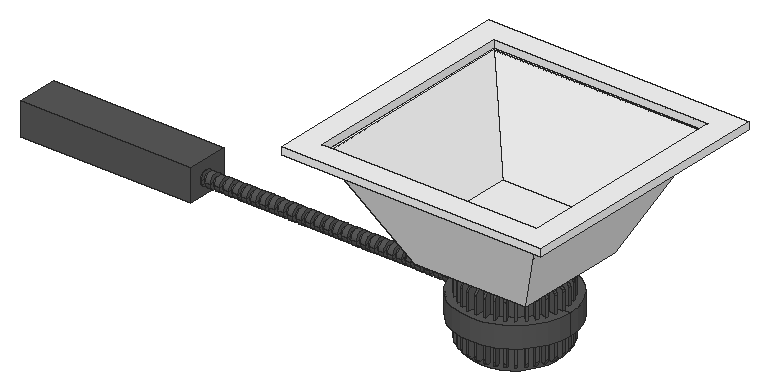
Revit family "LBRP-M-LSSL-8SQD", category Lighting Fixtures, host Face, Revit 2021
Family settings
  Host = Face
  Round Connector Dimension = Use Diameter
  Part Type = Normal
  OmniClass Number = 23.80.70.11.14.17
  OmniClass Title = Direct/Indirect
  Cut with Voids When Loaded = No
  Light Source = Yes
  Shared = Yes
  Room Calculation Point = No
Parameters (values of type "LBRP-M-LSSL-8SQD")
  Heat Sink = Black
  A = 7.15"
  Wattage = 31.6 W
  Warranty = "5-Years Warranty"
  built-in parameter 1150110 = 1 (stored number, unit not read)
  Voltage = 120 V
  D = 6.80"
  C = 0.20"
  built-in parameter 1114217 = 1 (stored number, unit not read)
  Tilt Angle = -90.00°
  built-in parameter 1150109 = 1 (stored number, unit not read)
  built-in parameter 1150134 = (empty or 0)
  built-in parameter 1150113 = 1 (stored number, unit not read)
  Product Documentation Link = ""
  Power Factor = 0.9
  Photometric Web Link = ""
  Photometric Web File = "LBRP-M-LSSLCS9_LBRP-8SQD-T-D_3000K_1200lm.ies"
  Photometric Notes = "More IES files download on Photometric Web Link"  # constant formula
  zz Length 1 = 48.00"
  Wattage Comments = " 9.6 - 55 W"  # constant formula
  URL = "https://www.currentlighting.com/prescolite"
  Product Page URL = ""
  Model = "LBRP-M-LSSL-8SQD"  # constant formula
  Manufacturer = "Prescolite Lighting"  # constant formula
  built-in parameter 1150105 = 251.46 (stored number, unit not read)
  Lumens = 3160 lm
  built-in parameter 1150115 = 1 (stored number, unit not read)
  Load Classification = Lighting
  built-in parameter 1150137 = (empty or 0)
  built-in parameter 1150139 = (empty or 0)
  built-in parameter 1150112 = 1 (stored number, unit not read)
  built-in parameter 1150114 = 1 (stored number, unit not read)
  Lamp = "LED's"  # constant formula
  built-in parameter 1150132 = (empty or 0)
  built-in parameter 1150102 = (empty or 0)
  built-in parameter 1150107 = 3500 (stored number, unit not read)
  built-in parameter 1150138 = (empty or 0)
  built-in parameter 1150106 = 2.5146 (stored number, unit not read)
  Glass = White Glass
  built-in parameter 1150104 = 9.2903 (stored number, unit not read)
  Dimming Lamp Color Temperature Shift = <None>
  Description = "PRO CANLESS DIRECT INSTALL DOWNLIGHT\r"  # constant formula
  Default Elevation = 48.00"
  Contact Us = ""
  Color Filter = 16777215
  built-in parameter 1114218 = 1 (stored number, unit not read)
  Housing Material = Paint - Matte White
  B = 9.10"
  built-in parameter 1150133 = 10 (stored number, unit not read)
  Assembly Code = "D5020200"
  Apparent Load = 11.5 VA
Reference planes (in)
  plane 1 "Center (Front/Back)": y = 13.01342
  plane 2: z = 0
  plane 3 "Center (Left/Right)": x = 0
  plane 4: z = -0.44
  plane 5: x = -3.88
  plane 6: x = 3.88
  plane 7: y = 16.89342
  plane 8: y = 9.13342
  plane 9: x = -4.69
  plane 10: x = 4.69
  plane 11: y = 17.70342
  plane 12: y = 8.32342
Forms (in)
  Revolve 1, solid, material "Black" <- "Heat Sink"
    sketch origin (0, 13.01342, 0.69) x (1, 0, 0) y (0, 0, 1)
      loop
        line (1.50583, -4.43783) -> (0.86374, -4.43783) -> (0, -4.43783) -> (0, -7.24) -> (1.50583, -7.24) -> (1.50583, -6.25486) -> (2.00583, -6.25486) -> (2.00583, -5.50486) -> (1.50583, -5.50486) -> (1.50583, -4.43783)
      axis (0, -4.43783) -> (0, -7.24)
    angle from 0 to 360
  Extrusion 2, solid, material "Black" <- "Heat Sink"
    sketch origin (-1.46875, 13.01342, 0.69) x (1, 0, 0) y (0, 0, 1)
      loop
        line (2.88083, -5.50486) -> (3.25583, -5.50486) -> (3.25583, -4.91939)
        arc (3.25583, -4.91939) -> (3.20764, -4.80305) -> (3.0913, -4.75486) r 0.16453
        line (3.0913, -4.75486) -> (2.88083, -4.75486) -> (2.88083, -5.50486)
      loop
        line (2.88083, -6.25434) -> (2.88083, -7.06684) -> (3.0913, -7.06684)
        arc (3.0913, -7.06684) -> (3.20764, -7.01865) -> (3.25583, -6.90231) r 0.16453
        line (3.25583, -6.90231) -> (3.25583, -6.25434) -> (2.88083, -6.25434)
    from -0.0248 to 0.04965
  Extrusion 3, solid, material "Black" <- "Heat Sink"
    sketch origin (0, 13.01342, 0.69) x (0.984808, -0.173648, 0) y (0, 0, 1)
      loop
        line (1.38083, -5.50486) -> (1.75583, -5.50486) -> (1.75583, -4.91939)
        arc (1.75583, -4.91939) -> (1.70764, -4.80305) -> (1.5913, -4.75486) r 0.16453
        line (1.5913, -4.75486) -> (1.38083, -4.75486) -> (1.38083, -5.50486)
      loop
        line (1.38083, -6.25434) -> (1.38083, -7.06684) -> (1.5913, -7.06684)
        arc (1.5913, -7.06684) -> (1.70764, -7.01865) -> (1.75583, -6.90231) r 0.16453
        line (1.75583, -6.90231) -> (1.75583, -6.25434) -> (1.38083, -6.25434)
    from -0.0248 to 0.04965
  Extrusion 4, solid, material "Black" <- "Heat Sink"
    sketch origin (0, 13.01342, 0.69) x (0.939693, -0.34202, 0) y (0, 0, 1)
      loop
        line (1.38083, -5.50486) -> (1.75583, -5.50486) -> (1.75583, -4.91939)
        arc (1.75583, -4.91939) -> (1.70764, -4.80305) -> (1.5913, -4.75486) r 0.16453
        line (1.5913, -4.75486) -> (1.38083, -4.75486) -> (1.38083, -5.50486)
      loop
        line (1.38083, -6.25434) -> (1.38083, -7.06684) -> (1.5913, -7.06684)
        arc (1.5913, -7.06684) -> (1.70764, -7.01865) -> (1.75583, -6.90231) r 0.16453
        line (1.75583, -6.90231) -> (1.75583, -6.25434) -> (1.38083, -6.25434)
    from -0.0248 to 0.04965
  Extrusion 5, solid, material "Black" <- "Heat Sink"
    sketch origin (0, 13.01342, 0.69) x (0.866025, -0.5, 0) y (0, 0, 1)
      loop
        line (1.38083, -5.50486) -> (1.75583, -5.50486) -> (1.75583, -4.91939)
        arc (1.75583, -4.91939) -> (1.70764, -4.80305) -> (1.5913, -4.75486) r 0.16453
        line (1.5913, -4.75486) -> (1.38083, -4.75486) -> (1.38083, -5.50486)
      loop
        line (1.38083, -6.25434) -> (1.38083, -7.06684) -> (1.5913, -7.06684)
        arc (1.5913, -7.06684) -> (1.70764, -7.01865) -> (1.75583, -6.90231) r 0.16453
        line (1.75583, -6.90231) -> (1.75583, -6.25434) -> (1.38083, -6.25434)
    from -0.0248 to 0.04965
  Extrusion 6, solid, material "Black" <- "Heat Sink"
    sketch origin (0, 13.01342, 0.69) x (0.766044, -0.642788, 0) y (0, 0, 1)
      loop
        line (1.38083, -5.50486) -> (1.75583, -5.50486) -> (1.75583, -4.91939)
        arc (1.75583, -4.91939) -> (1.70764, -4.80305) -> (1.5913, -4.75486) r 0.16453
        line (1.5913, -4.75486) -> (1.38083, -4.75486) -> (1.38083, -5.50486)
      loop
        line (1.38083, -6.25434) -> (1.38083, -7.06684) -> (1.5913, -7.06684)
        arc (1.5913, -7.06684) -> (1.70764, -7.01865) -> (1.75583, -6.90231) r 0.16453
        line (1.75583, -6.90231) -> (1.75583, -6.25434) -> (1.38083, -6.25434)
    from -0.0248 to 0.04965
  Extrusion 7, solid, material "Black" <- "Heat Sink"
    sketch origin (0, 13.01342, 0.69) x (0.642788, -0.766044, 0) y (0, 0, 1)
      loop
        line (1.38083, -5.50486) -> (1.75583, -5.50486) -> (1.75583, -4.91939)
        arc (1.75583, -4.91939) -> (1.70764, -4.80305) -> (1.5913, -4.75486) r 0.16453
        line (1.5913, -4.75486) -> (1.38083, -4.75486) -> (1.38083, -5.50486)
      loop
        line (1.38083, -6.25434) -> (1.38083, -7.06684) -> (1.5913, -7.06684)
        arc (1.5913, -7.06684) -> (1.70764, -7.01865) -> (1.75583, -6.90231) r 0.16453
        line (1.75583, -6.90231) -> (1.75583, -6.25434) -> (1.38083, -6.25434)
    from -0.0248 to 0.04965
  Extrusion 8, solid, material "Black" <- "Heat Sink"
    sketch origin (0, 13.01342, 0.69) x (0.5, -0.866025, 0) y (0, 0, 1)
      loop
        line (1.38083, -5.50486) -> (1.75583, -5.50486) -> (1.75583, -4.91939)
        arc (1.75583, -4.91939) -> (1.70764, -4.80305) -> (1.5913, -4.75486) r 0.16453
        line (1.5913, -4.75486) -> (1.38083, -4.75486) -> (1.38083, -5.50486)
      loop
        line (1.38083, -6.25434) -> (1.38083, -7.06684) -> (1.5913, -7.06684)
        arc (1.5913, -7.06684) -> (1.70764, -7.01865) -> (1.75583, -6.90231) r 0.16453
        line (1.75583, -6.90231) -> (1.75583, -6.25434) -> (1.38083, -6.25434)
    from -0.0248 to 0.04965
  Extrusion 9, solid, material "Black" <- "Heat Sink"
    sketch origin (0, 13.01342, 0.69) x (0.34202, -0.939693, 0) y (0, 0, 1)
      loop
        line (1.38083, -5.50486) -> (1.75583, -5.50486) -> (1.75583, -4.91939)
        arc (1.75583, -4.91939) -> (1.70764, -4.80305) -> (1.5913, -4.75486) r 0.16453
        line (1.5913, -4.75486) -> (1.38083, -4.75486) -> (1.38083, -5.50486)
      loop
        line (1.38083, -6.25434) -> (1.38083, -7.06684) -> (1.5913, -7.06684)
        arc (1.5913, -7.06684) -> (1.70764, -7.01865) -> (1.75583, -6.90231) r 0.16453
        line (1.75583, -6.90231) -> (1.75583, -6.25434) -> (1.38083, -6.25434)
    from -0.0248 to 0.04965
  Extrusion 10, solid, material "Black" <- "Heat Sink"
    sketch origin (0, 13.01342, 0.69) x (0.173648, -0.984808, 0) y (0, 0, 1)
      loop
        line (1.38083, -5.50486) -> (1.75583, -5.50486) -> (1.75583, -4.91939)
        arc (1.75583, -4.91939) -> (1.70764, -4.80305) -> (1.5913, -4.75486) r 0.16453
        line (1.5913, -4.75486) -> (1.38083, -4.75486) -> (1.38083, -5.50486)
      loop
        line (1.38083, -6.25434) -> (1.38083, -7.06684) -> (1.5913, -7.06684)
        arc (1.5913, -7.06684) -> (1.70764, -7.01865) -> (1.75583, -6.90231) r 0.16453
        line (1.75583, -6.90231) -> (1.75583, -6.25434) -> (1.38083, -6.25434)
    from -0.0248 to 0.04965
  Extrusion 11, solid, material "Black" <- "Heat Sink"
    sketch origin (0, 13.01342, 0.69) x (0, -1, 0) y (0, 0, 1)
      loop
        line (1.38083, -5.50486) -> (1.75583, -5.50486) -> (1.75583, -4.91939)
        arc (1.75583, -4.91939) -> (1.70764, -4.80305) -> (1.5913, -4.75486) r 0.16453
        line (1.5913, -4.75486) -> (1.38083, -4.75486) -> (1.38083, -5.50486)
      loop
        line (1.38083, -6.25434) -> (1.38083, -7.06684) -> (1.5913, -7.06684)
        arc (1.5913, -7.06684) -> (1.70764, -7.01865) -> (1.75583, -6.90231) r 0.16453
        line (1.75583, -6.90231) -> (1.75583, -6.25434) -> (1.38083, -6.25434)
    from -0.0248 to 0.04965
  Extrusion 12, solid, material "Black" <- "Heat Sink"
    sketch origin (0, 13.01342, 0.69) x (-0.173648, -0.984808, 0) y (0, 0, 1)
      loop
        line (1.38083, -5.50486) -> (1.75583, -5.50486) -> (1.75583, -4.91939)
        arc (1.75583, -4.91939) -> (1.70764, -4.80305) -> (1.5913, -4.75486) r 0.16453
        line (1.5913, -4.75486) -> (1.38083, -4.75486) -> (1.38083, -5.50486)
      loop
        line (1.38083, -6.25434) -> (1.38083, -7.06684) -> (1.5913, -7.06684)
        arc (1.5913, -7.06684) -> (1.70764, -7.01865) -> (1.75583, -6.90231) r 0.16453
        line (1.75583, -6.90231) -> (1.75583, -6.25434) -> (1.38083, -6.25434)
    from -0.0248 to 0.04965
  Extrusion 13, solid, material "Black" <- "Heat Sink"
    sketch origin (0, 13.01342, 0.69) x (-0.34202, -0.939693, 0) y (0, 0, 1)
      loop
        line (1.38083, -5.50486) -> (1.75583, -5.50486) -> (1.75583, -4.91939)
        arc (1.75583, -4.91939) -> (1.70764, -4.80305) -> (1.5913, -4.75486) r 0.16453
        line (1.5913, -4.75486) -> (1.38083, -4.75486) -> (1.38083, -5.50486)
      loop
        line (1.38083, -6.25434) -> (1.38083, -7.06684) -> (1.5913, -7.06684)
        arc (1.5913, -7.06684) -> (1.70764, -7.01865) -> (1.75583, -6.90231) r 0.16453
        line (1.75583, -6.90231) -> (1.75583, -6.25434) -> (1.38083, -6.25434)
    from -0.0248 to 0.04965
  Extrusion 14, solid, material "Black" <- "Heat Sink"
    sketch origin (0, 13.01342, 0.69) x (-0.5, -0.866025, 0) y (0, 0, 1)
      loop
        line (1.38083, -5.50486) -> (1.75583, -5.50486) -> (1.75583, -4.91939)
        arc (1.75583, -4.91939) -> (1.70764, -4.80305) -> (1.5913, -4.75486) r 0.16453
        line (1.5913, -4.75486) -> (1.38083, -4.75486) -> (1.38083, -5.50486)
      loop
        line (1.38083, -6.25434) -> (1.38083, -7.06684) -> (1.5913, -7.06684)
        arc (1.5913, -7.06684) -> (1.70764, -7.01865) -> (1.75583, -6.90231) r 0.16453
        line (1.75583, -6.90231) -> (1.75583, -6.25434) -> (1.38083, -6.25434)
    from -0.0248 to 0.04965
  Extrusion 15, solid, material "Black" <- "Heat Sink"
    sketch origin (0, 13.01342, 0.69) x (-0.642788, -0.766044, 0) y (0, 0, 1)
      loop
        line (1.38083, -5.50486) -> (1.75583, -5.50486) -> (1.75583, -4.91939)
        arc (1.75583, -4.91939) -> (1.70764, -4.80305) -> (1.5913, -4.75486) r 0.16453
        line (1.5913, -4.75486) -> (1.38083, -4.75486) -> (1.38083, -5.50486)
      loop
        line (1.38083, -6.25434) -> (1.38083, -7.06684) -> (1.5913, -7.06684)
        arc (1.5913, -7.06684) -> (1.70764, -7.01865) -> (1.75583, -6.90231) r 0.16453
        line (1.75583, -6.90231) -> (1.75583, -6.25434) -> (1.38083, -6.25434)
    from -0.0248 to 0.04965
  Extrusion 16, solid, material "Black" <- "Heat Sink"
    sketch origin (0, 13.01342, 0.69) x (-0.766044, -0.642788, 0) y (0, 0, 1)
      loop
        line (1.38083, -5.50486) -> (1.75583, -5.50486) -> (1.75583, -4.91939)
        arc (1.75583, -4.91939) -> (1.70764, -4.80305) -> (1.5913, -4.75486) r 0.16453
        line (1.5913, -4.75486) -> (1.38083, -4.75486) -> (1.38083, -5.50486)
      loop
        line (1.38083, -6.25434) -> (1.38083, -7.06684) -> (1.5913, -7.06684)
        arc (1.5913, -7.06684) -> (1.70764, -7.01865) -> (1.75583, -6.90231) r 0.16453
        line (1.75583, -6.90231) -> (1.75583, -6.25434) -> (1.38083, -6.25434)
    from -0.0248 to 0.04965
  Extrusion 17, solid, material "Black" <- "Heat Sink"
    sketch origin (0, 13.01342, 0.69) x (-0.866025, -0.5, 0) y (0, 0, 1)
      loop
        line (1.38083, -5.50486) -> (1.75583, -5.50486) -> (1.75583, -4.91939)
        arc (1.75583, -4.91939) -> (1.70764, -4.80305) -> (1.5913, -4.75486) r 0.16453
        line (1.5913, -4.75486) -> (1.38083, -4.75486) -> (1.38083, -5.50486)
      loop
        line (1.38083, -6.25434) -> (1.38083, -7.06684) -> (1.5913, -7.06684)
        arc (1.5913, -7.06684) -> (1.70764, -7.01865) -> (1.75583, -6.90231) r 0.16453
        line (1.75583, -6.90231) -> (1.75583, -6.25434) -> (1.38083, -6.25434)
    from -0.0248 to 0.04965
  Extrusion 18, solid, material "Black" <- "Heat Sink"
    sketch origin (1.46875, 13.01342, 0.69) x (-1, 0, 0) y (0, 0, -1)
      loop
        line (2.88083, 5.50486) -> (2.88083, 4.75486) -> (3.0913, 4.75486)
        arc (3.0913, 4.75486) -> (3.20764, 4.80305) -> (3.25583, 4.91939) r 0.16453
        line (3.25583, 4.91939) -> (3.25583, 5.50486) -> (2.88083, 5.50486)
      loop
        line (2.88083, 6.25434) -> (3.25583, 6.25434) -> (3.25583, 6.90231)
        arc (3.25583, 6.90231) -> (3.20764, 7.01865) -> (3.0913, 7.06684) r 0.16453
        line (3.0913, 7.06684) -> (2.88083, 7.06684) -> (2.88083, 6.25434)
    from -0.0248 to 0.04965
  Extrusion 19, solid, material "Black" <- "Heat Sink"
    sketch origin (0, 13.01342, 0.69) x (-0.984808, -0.173648, 0) y (0, 0, -1)
      loop
        line (1.38083, 5.50486) -> (1.38083, 4.75486) -> (1.5913, 4.75486)
        arc (1.5913, 4.75486) -> (1.70764, 4.80305) -> (1.75583, 4.91939) r 0.16453
        line (1.75583, 4.91939) -> (1.75583, 5.50486) -> (1.38083, 5.50486)
      loop
        line (1.38083, 6.25434) -> (1.75583, 6.25434) -> (1.75583, 6.90231)
        arc (1.75583, 6.90231) -> (1.70764, 7.01865) -> (1.5913, 7.06684) r 0.16453
        line (1.5913, 7.06684) -> (1.38083, 7.06684) -> (1.38083, 6.25434)
    from -0.0248 to 0.04965
  Extrusion 20, solid, material "Black" <- "Heat Sink"
    sketch origin (0, 13.01342, 0.69) x (-0.939693, -0.34202, 0) y (0, 0, -1)
      loop
        line (1.38083, 5.50486) -> (1.38083, 4.75486) -> (1.5913, 4.75486)
        arc (1.5913, 4.75486) -> (1.70764, 4.80305) -> (1.75583, 4.91939) r 0.16453
        line (1.75583, 4.91939) -> (1.75583, 5.50486) -> (1.38083, 5.50486)
      loop
        line (1.38083, 6.25434) -> (1.75583, 6.25434) -> (1.75583, 6.90231)
        arc (1.75583, 6.90231) -> (1.70764, 7.01865) -> (1.5913, 7.06684) r 0.16453
        line (1.5913, 7.06684) -> (1.38083, 7.06684) -> (1.38083, 6.25434)
    from -0.0248 to 0.04965
  Extrusion 21, solid, material "Black" <- "Heat Sink"
    sketch origin (0, 13.01342, 0.69) x (0.984808, 0.173648, 0) y (0, 0, -1)
      loop
        line (1.38083, 5.50486) -> (1.38083, 4.75486) -> (1.5913, 4.75486)
        arc (1.5913, 4.75486) -> (1.70764, 4.80305) -> (1.75583, 4.91939) r 0.16453
        line (1.75583, 4.91939) -> (1.75583, 5.50486) -> (1.38083, 5.50486)
      loop
        line (1.38083, 6.25434) -> (1.75583, 6.25434) -> (1.75583, 6.90231)
        arc (1.75583, 6.90231) -> (1.70764, 7.01865) -> (1.5913, 7.06684) r 0.16453
        line (1.5913, 7.06684) -> (1.38083, 7.06684) -> (1.38083, 6.25434)
    from -0.0248 to 0.04965
  Extrusion 22, solid, material "Black" <- "Heat Sink"
    sketch origin (0, 13.01342, 0.69) x (0.939693, 0.34202, 0) y (0, 0, -1)
      loop
        line (1.38083, 5.50486) -> (1.38083, 4.75486) -> (1.5913, 4.75486)
        arc (1.5913, 4.75486) -> (1.70764, 4.80305) -> (1.75583, 4.91939) r 0.16453
        line (1.75583, 4.91939) -> (1.75583, 5.50486) -> (1.38083, 5.50486)
      loop
        line (1.38083, 6.25434) -> (1.75583, 6.25434) -> (1.75583, 6.90231)
        arc (1.75583, 6.90231) -> (1.70764, 7.01865) -> (1.5913, 7.06684) r 0.16453
        line (1.5913, 7.06684) -> (1.38083, 7.06684) -> (1.38083, 6.25434)
    from -0.0248 to 0.04965
  Extrusion 23, solid, material "Black" <- "Heat Sink"
    sketch origin (0, 13.01342, 0.69) x (0.866025, 0.5, 0) y (0, 0, -1)
      loop
        line (1.38083, 5.50486) -> (1.38083, 4.75486) -> (1.5913, 4.75486)
        arc (1.5913, 4.75486) -> (1.70764, 4.80305) -> (1.75583, 4.91939) r 0.16453
        line (1.75583, 4.91939) -> (1.75583, 5.50486) -> (1.38083, 5.50486)
      loop
        line (1.38083, 6.25434) -> (1.75583, 6.25434) -> (1.75583, 6.90231)
        arc (1.75583, 6.90231) -> (1.70764, 7.01865) -> (1.5913, 7.06684) r 0.16453
        line (1.5913, 7.06684) -> (1.38083, 7.06684) -> (1.38083, 6.25434)
    from -0.0248 to 0.04965
  Extrusion 24, solid, material "Black" <- "Heat Sink"
    sketch origin (0, 13.01342, 0.69) x (0.766044, 0.642788, 0) y (0, 0, -1)
      loop
        line (1.38083, 5.50486) -> (1.38083, 4.75486) -> (1.5913, 4.75486)
        arc (1.5913, 4.75486) -> (1.70764, 4.80305) -> (1.75583, 4.91939) r 0.16453
        line (1.75583, 4.91939) -> (1.75583, 5.50486) -> (1.38083, 5.50486)
      loop
        line (1.38083, 6.25434) -> (1.75583, 6.25434) -> (1.75583, 6.90231)
        arc (1.75583, 6.90231) -> (1.70764, 7.01865) -> (1.5913, 7.06684) r 0.16453
        line (1.5913, 7.06684) -> (1.38083, 7.06684) -> (1.38083, 6.25434)
    from -0.0248 to 0.04965
  Extrusion 25, solid, material "Black" <- "Heat Sink"
    sketch origin (0, 13.01342, 0.69) x (0.642788, 0.766044, 0) y (0, 0, -1)
      loop
        line (1.38083, 5.50486) -> (1.38083, 4.75486) -> (1.5913, 4.75486)
        arc (1.5913, 4.75486) -> (1.70764, 4.80305) -> (1.75583, 4.91939) r 0.16453
        line (1.75583, 4.91939) -> (1.75583, 5.50486) -> (1.38083, 5.50486)
      loop
        line (1.38083, 6.25434) -> (1.75583, 6.25434) -> (1.75583, 6.90231)
        arc (1.75583, 6.90231) -> (1.70764, 7.01865) -> (1.5913, 7.06684) r 0.16453
        line (1.5913, 7.06684) -> (1.38083, 7.06684) -> (1.38083, 6.25434)
    from -0.0248 to 0.04965
  Extrusion 26, solid, material "Black" <- "Heat Sink"
    sketch origin (0, 13.01342, 0.69) x (0.5, 0.866025, 0) y (0, 0, -1)
      loop
        line (1.38083, 5.50486) -> (1.38083, 4.75486) -> (1.5913, 4.75486)
        arc (1.5913, 4.75486) -> (1.70764, 4.80305) -> (1.75583, 4.91939) r 0.16453
        line (1.75583, 4.91939) -> (1.75583, 5.50486) -> (1.38083, 5.50486)
      loop
        line (1.38083, 6.25434) -> (1.75583, 6.25434) -> (1.75583, 6.90231)
        arc (1.75583, 6.90231) -> (1.70764, 7.01865) -> (1.5913, 7.06684) r 0.16453
        line (1.5913, 7.06684) -> (1.38083, 7.06684) -> (1.38083, 6.25434)
    from -0.0248 to 0.04965
  Extrusion 27, solid, material "Black" <- "Heat Sink"
    sketch origin (0, 13.01342, 0.69) x (0.34202, 0.939693, 0) y (0, 0, -1)
      loop
        line (1.38083, 5.50486) -> (1.38083, 4.75486) -> (1.5913, 4.75486)
        arc (1.5913, 4.75486) -> (1.70764, 4.80305) -> (1.75583, 4.91939) r 0.16453
        line (1.75583, 4.91939) -> (1.75583, 5.50486) -> (1.38083, 5.50486)
      loop
        line (1.38083, 6.25434) -> (1.75583, 6.25434) -> (1.75583, 6.90231)
        arc (1.75583, 6.90231) -> (1.70764, 7.01865) -> (1.5913, 7.06684) r 0.16453
        line (1.5913, 7.06684) -> (1.38083, 7.06684) -> (1.38083, 6.25434)
    from -0.0248 to 0.04965
  Extrusion 28, solid, material "Black" <- "Heat Sink"
    sketch origin (0, 13.01342, 0.69) x (0.173648, 0.984808, 0) y (0, 0, -1)
      loop
        line (1.38083, 5.50486) -> (1.38083, 4.75486) -> (1.5913, 4.75486)
        arc (1.5913, 4.75486) -> (1.70764, 4.80305) -> (1.75583, 4.91939) r 0.16453
        line (1.75583, 4.91939) -> (1.75583, 5.50486) -> (1.38083, 5.50486)
      loop
        line (1.38083, 6.25434) -> (1.75583, 6.25434) -> (1.75583, 6.90231)
        arc (1.75583, 6.90231) -> (1.70764, 7.01865) -> (1.5913, 7.06684) r 0.16453
        line (1.5913, 7.06684) -> (1.38083, 7.06684) -> (1.38083, 6.25434)
    from -0.0248 to 0.04965
  Extrusion 29, solid, material "Black" <- "Heat Sink"
    sketch origin (0, 13.01342, 0.69) x (0, 1, 0) y (0, 0, -1)
      loop
        line (1.38083, 5.50486) -> (1.38083, 4.75486) -> (1.5913, 4.75486)
        arc (1.5913, 4.75486) -> (1.70764, 4.80305) -> (1.75583, 4.91939) r 0.16453
        line (1.75583, 4.91939) -> (1.75583, 5.50486) -> (1.38083, 5.50486)
      loop
        line (1.38083, 6.25434) -> (1.75583, 6.25434) -> (1.75583, 6.90231)
        arc (1.75583, 6.90231) -> (1.70764, 7.01865) -> (1.5913, 7.06684) r 0.16453
        line (1.5913, 7.06684) -> (1.38083, 7.06684) -> (1.38083, 6.25434)
    from -0.0248 to 0.04965
  Extrusion 30, solid, material "Black" <- "Heat Sink"
    sketch origin (0, 13.01342, 0.69) x (-0.173648, 0.984808, 0) y (0, 0, -1)
      loop
        line (1.38083, 5.50486) -> (1.38083, 4.75486) -> (1.5913, 4.75486)
        arc (1.5913, 4.75486) -> (1.70764, 4.80305) -> (1.75583, 4.91939) r 0.16453
        line (1.75583, 4.91939) -> (1.75583, 5.50486) -> (1.38083, 5.50486)
      loop
        line (1.38083, 6.25434) -> (1.75583, 6.25434) -> (1.75583, 6.90231)
        arc (1.75583, 6.90231) -> (1.70764, 7.01865) -> (1.5913, 7.06684) r 0.16453
        line (1.5913, 7.06684) -> (1.38083, 7.06684) -> (1.38083, 6.25434)
    from -0.0248 to 0.04965
  Extrusion 31, solid, material "Black" <- "Heat Sink"
    sketch origin (0, 13.01342, 0.69) x (-0.34202, 0.939693, 0) y (0, 0, -1)
      loop
        line (1.38083, 5.50486) -> (1.38083, 4.75486) -> (1.5913, 4.75486)
        arc (1.5913, 4.75486) -> (1.70764, 4.80305) -> (1.75583, 4.91939) r 0.16453
        line (1.75583, 4.91939) -> (1.75583, 5.50486) -> (1.38083, 5.50486)
      loop
        line (1.38083, 6.25434) -> (1.75583, 6.25434) -> (1.75583, 6.90231)
        arc (1.75583, 6.90231) -> (1.70764, 7.01865) -> (1.5913, 7.06684) r 0.16453
        line (1.5913, 7.06684) -> (1.38083, 7.06684) -> (1.38083, 6.25434)
    from -0.0248 to 0.04965
  Extrusion 32, solid, material "Black" <- "Heat Sink"
    sketch origin (0, 13.01342, 0.69) x (-0.5, 0.866025, 0) y (0, 0, -1)
      loop
        line (1.38083, 5.50486) -> (1.38083, 4.75486) -> (1.5913, 4.75486)
        arc (1.5913, 4.75486) -> (1.70764, 4.80305) -> (1.75583, 4.91939) r 0.16453
        line (1.75583, 4.91939) -> (1.75583, 5.50486) -> (1.38083, 5.50486)
      loop
        line (1.38083, 6.25434) -> (1.75583, 6.25434) -> (1.75583, 6.90231)
        arc (1.75583, 6.90231) -> (1.70764, 7.01865) -> (1.5913, 7.06684) r 0.16453
        line (1.5913, 7.06684) -> (1.38083, 7.06684) -> (1.38083, 6.25434)
    from -0.0248 to 0.04965
  Extrusion 33, solid, material "Black" <- "Heat Sink"
    sketch origin (0, 13.01342, 0.69) x (-0.642788, 0.766044, 0) y (0, 0, -1)
      loop
        line (1.38083, 5.50486) -> (1.38083, 4.75486) -> (1.5913, 4.75486)
        arc (1.5913, 4.75486) -> (1.70764, 4.80305) -> (1.75583, 4.91939) r 0.16453
        line (1.75583, 4.91939) -> (1.75583, 5.50486) -> (1.38083, 5.50486)
      loop
        line (1.38083, 6.25434) -> (1.75583, 6.25434) -> (1.75583, 6.90231)
        arc (1.75583, 6.90231) -> (1.70764, 7.01865) -> (1.5913, 7.06684) r 0.16453
        line (1.5913, 7.06684) -> (1.38083, 7.06684) -> (1.38083, 6.25434)
    from -0.0248 to 0.04965
  Extrusion 34, solid, material "Black" <- "Heat Sink"
    sketch origin (0, 13.01342, 0.69) x (-0.766044, 0.642788, 0) y (0, 0, -1)
      loop
        line (1.38083, 5.50486) -> (1.38083, 4.75486) -> (1.5913, 4.75486)
        arc (1.5913, 4.75486) -> (1.70764, 4.80305) -> (1.75583, 4.91939) r 0.16453
        line (1.75583, 4.91939) -> (1.75583, 5.50486) -> (1.38083, 5.50486)
      loop
        line (1.38083, 6.25434) -> (1.75583, 6.25434) -> (1.75583, 6.90231)
        arc (1.75583, 6.90231) -> (1.70764, 7.01865) -> (1.5913, 7.06684) r 0.16453
        line (1.5913, 7.06684) -> (1.38083, 7.06684) -> (1.38083, 6.25434)
    from -0.0248 to 0.04965
  Extrusion 35, solid, material "Black" <- "Heat Sink"
    sketch origin (0, 13.01342, 0.69) x (-0.866025, 0.5, 0) y (0, 0, -1)
      loop
        line (1.38083, 5.50486) -> (1.38083, 4.75486) -> (1.5913, 4.75486)
        arc (1.5913, 4.75486) -> (1.70764, 4.80305) -> (1.75583, 4.91939) r 0.16453
        line (1.75583, 4.91939) -> (1.75583, 5.50486) -> (1.38083, 5.50486)
      loop
        line (1.38083, 6.25434) -> (1.75583, 6.25434) -> (1.75583, 6.90231)
        arc (1.75583, 6.90231) -> (1.70764, 7.01865) -> (1.5913, 7.06684) r 0.16453
        line (1.5913, 7.06684) -> (1.38083, 7.06684) -> (1.38083, 6.25434)
    from -0.0248 to 0.04965
  Extrusion 36, solid, material "Black" <- "Heat Sink"
    sketch origin (0, 13.01342, 0.69) x (-0.984808, 0.173648, 0) y (0, 0, 1)
      loop
        line (1.38083, -5.50486) -> (1.75583, -5.50486) -> (1.75583, -4.91939)
        arc (1.75583, -4.91939) -> (1.70764, -4.80305) -> (1.5913, -4.75486) r 0.16453
        line (1.5913, -4.75486) -> (1.38083, -4.75486) -> (1.38083, -5.50486)
      loop
        line (1.38083, -6.25434) -> (1.38083, -7.06684) -> (1.5913, -7.06684)
        arc (1.5913, -7.06684) -> (1.70764, -7.01865) -> (1.75583, -6.90231) r 0.16453
        line (1.75583, -6.90231) -> (1.75583, -6.25434) -> (1.38083, -6.25434)
    from -0.0248 to 0.04965
  Extrusion 37, solid, material "Black" <- "Heat Sink"
    sketch origin (0, 13.01342, 0.69) x (-0.939693, 0.34202, 0) y (0, 0, 1)
      loop
        line (1.38083, -5.50486) -> (1.75583, -5.50486) -> (1.75583, -4.91939)
        arc (1.75583, -4.91939) -> (1.70764, -4.80305) -> (1.5913, -4.75486) r 0.16453
        line (1.5913, -4.75486) -> (1.38083, -4.75486) -> (1.38083, -5.50486)
      loop
        line (1.38083, -6.25434) -> (1.38083, -7.06684) -> (1.5913, -7.06684)
        arc (1.5913, -7.06684) -> (1.70764, -7.01865) -> (1.75583, -6.90231) r 0.16453
        line (1.75583, -6.90231) -> (1.75583, -6.25434) -> (1.38083, -6.25434)
    from -0.0248 to 0.04965
  Revolve 38, solid, material "Black" <- "Heat Sink"
    sketch origin (2.625, 0, -5.06) x (1, 0, 0) y (0, 1, 0)
      loop
        line (-13.95674, 13.01342) -> (-4.38494, 13.01342) -> (-4.38494, 13.16148) -> (-4.48144, 13.16148) -> (-4.48144, 13.26342) -> (-4.6692, 13.26342) -> (-4.6692, 13.16148) -> (-4.86136, 13.16148) -> (-4.86136, 13.26342) -> (-5.04911, 13.26342) -> (-5.04911, 13.16148) -> (-5.19127, 13.16148) -> (-5.19127, 13.26342) -> (-5.37902, 13.26342) -> (-5.37902, 13.16148) -> (-5.52118, 13.16148) -> (-5.52118, 13.26342) -> (-5.70894, 13.26342) -> (-5.70894, 13.16148) -> (-5.85109, 13.16148) -> (-5.85109, 13.26342) -> (-6.03885, 13.26342) -> (-6.03885, 13.16148) -> (-6.18101, 13.16148) -> (-6.18101, 13.26342) -> (-6.36876, 13.26342) -> (-6.36876, 13.16148) -> (-6.51092, 13.16148) -> (-6.51092, 13.26342) -> (-6.69867, 13.26342) -> (-6.69867, 13.16148) -> (-6.84083, 13.16148) -> (-6.84083, 13.26342) -> (-7.02859, 13.26342) -> (-7.02859, 13.16148) -> (-7.17074, 13.16148) -> (-7.17074, 13.26342) -> (-7.3585, 13.26342) -> (-7.3585, 13.16148) -> (-7.50065, 13.16148) -> (-7.50065, 13.26342) -> (-7.68841, 13.26342) -> (-7.68841, 13.16148) -> (-7.83057, 13.16148) -> (-7.83057, 13.26342) -> (-8.01832, 13.26342) -> (-8.01832, 13.16148) -> (-8.16048, 13.16148) -> (-8.16048, 13.26342) -> (-8.34823, 13.26342) -> (-8.34823, 13.16148) -> (-8.49039, 13.16148) -> (-8.49039, 13.26342) -> (-8.67815, 13.26342) -> (-8.67815, 13.16148) -> (-8.8203, 13.16148) -> (-8.8203, 13.26342) -> (-9.00806, 13.26342) -> (-9.00806, 13.16148) -> (-9.15021, 13.16148) -> (-9.15021, 13.26342) -> (-9.33797, 13.26342) -> (-9.33797, 13.16148) -> (-9.48013, 13.16148) -> (-9.48013, 13.26342) -> (-9.66788, 13.26342) -> (-9.66788, 13.16148) -> (-9.81004, 13.16148) -> (-9.81004, 13.26342) -> (-9.99779, 13.26342) -> (-9.99779, 13.16148) -> (-10.13995, 13.16148) -> (-10.13995, 13.26342) -> (-10.32771, 13.26342) -> (-10.32771, 13.16148) -> (-10.46986, 13.16148) -> (-10.46986, 13.26342) -> (-10.65762, 13.26342) -> (-10.65762, 13.16148) -> (-10.79977, 13.16148) -> (-10.79977, 13.26342) -> (-10.98753, 13.26342) -> (-10.98753, 13.16148) -> (-11.12969, 13.16148) -> (-11.12969, 13.26342) -> (-11.31744, 13.26342) -> (-11.31744, 13.16148) -> (-11.4596, 13.16148) -> (-11.4596, 13.26342) -> (-11.64735, 13.26342) -> (-11.64735, 13.16148) -> (-11.78951, 13.16148) -> (-11.78951, 13.26342) -> (-11.97727, 13.26342) -> (-11.97727, 13.16148) -> (-12.11942, 13.16148) -> (-12.11942, 13.26342) -> (-12.30718, 13.26342) -> (-12.30718, 13.16148) -> (-12.44933, 13.16148) -> (-12.44933, 13.26342) -> (-12.63709, 13.26342) -> (-12.63709, 13.16148) -> (-12.77925, 13.16148) -> (-12.77925, 13.26342) -> (-12.967, 13.26342) -> (-12.967, 13.16148) -> (-13.10916, 13.16148) -> (-13.10916, 13.26342) -> (-13.29691, 13.26342) -> (-13.29691, 13.16148) -> (-13.43907, 13.16148) -> (-13.43907, 13.26342) -> (-13.62683, 13.26342) -> (-13.62683, 13.16148) -> (-13.76898, 13.16148) -> (-13.76898, 13.26342) -> (-13.95674, 13.26342) -> (-13.95674, 13.01342)
      axis (-4.38494, 13.01342) -> (-13.95674, 13.01342)
    angle from 0 to 360
  Extrusion 39, solid, material "Black" <- "Heat Sink"
    sketch origin (2.80079, 0, -5.63) x (1, 0, 0) y (0, 1, 0)
      loop
        line (-14.00752, 13.86765) -> (-20.17752, 13.86765) -> (-20.17752, 12.36765) -> (-14.00752, 12.36765) -> (-14.00752, 13.86765)
    from 0 to 1.14
  Extrusion 40, solid, material "Paint - Matte White" <- "Housing Material"
    sketch origin (0, 0, 0.69) x (1, 0, 0) y (0, 1, 0)
      loop
        line (-4.69, 17.70342) -> (-4.69, 8.32342) -> (4.69, 8.32342) -> (4.69, 17.70342) -> (-4.69, 17.70342)
      loop
        line (-3.88, 16.89342) -> (-3.88, 9.13342) -> (3.88, 9.13342) -> (3.88, 16.89342) -> (-3.88, 16.89342)
    from -0.44 to -0.68472
  Blend 41, solid, material "Paint - Matte White" <- "Housing Material"
    base sketch origin (0, 0, 0.69) x (1, 0, 0) y (0, 1, 0)
      loop
        line (-3.88, 16.89342) -> (-3.88, 9.13342) -> (3.88, 9.13342) -> (3.88, 16.89342) -> (-3.88, 16.89342)
    top sketch origin (0, 0, 0.69) x (1, 0, 0) y (0, 1, 0)
      loop
        line (-2.00583, 15.01925) -> (-2.00583, 11.00759) -> (2.00583, 11.00759) -> (2.00583, 15.01925) -> (-2.00583, 15.01925)
    from -0.68472 to -4.43783
  Extrusion 42, solid, material "Paint - Matte White" <- "Housing Material"
    sketch origin (0, 0, 0.69) x (1, 0, 0) y (0, 1, 0)
      loop
        line (-3.88, 16.89342) -> (-3.88, 9.13342) -> (3.88, 9.13342) -> (3.88, 16.89342) -> (-3.88, 16.89342)
      loop
        line (-3.98, 16.99342) -> (-3.98, 9.03342) -> (3.98, 9.03342) -> (3.98, 16.99342) -> (-3.98, 16.99342)
    from -0.68472 to -1.14442
  Blend 43, void
    base sketch origin (0, 0, 0.69) x (1, 0, 0) y (0, 1, 0)
      loop
        line (-3.88, 16.89342) -> (-3.88, 9.13342) -> (3.88, 9.13342) -> (3.88, 16.89342) -> (-3.88, 16.89342)
    top sketch origin (0, 0, 0.69) x (1, 0, 0) y (0, 1, 0)
      loop
        line (-2.24985, 15.26327) -> (-2.24985, 10.69184) -> (2.32158, 10.69184) -> (2.32158, 15.26327) -> (-2.24985, 15.26327)
    from -0.5025 to -3.6701
Cuts and joins
  Blend 43 cuts Blend 41
Dimensions and locks (in)
  aligned and locked: plane 2 to host face
  aligned and locked: plane 3 "Center (Left/Right)" to imposter light
Connectors (in)
  electrical at (0, 13.01342, 0.25), driven by "Power Factor", driven by "Apparent Load", driven by "Voltage"
    settings: on Extrusion 40, index 1, voltage 120 V, apparent load 11.5 VA, apparent load phase1 0 VA, apparent load phase2 0 VA, apparent load phase3 0 VA, power factor 0.9, load classification "Other", number of poles 1, system type 30, power factor state 1, is connector primary yes, connector utility no, sub classification motor no, connector description "Light Fixture"
